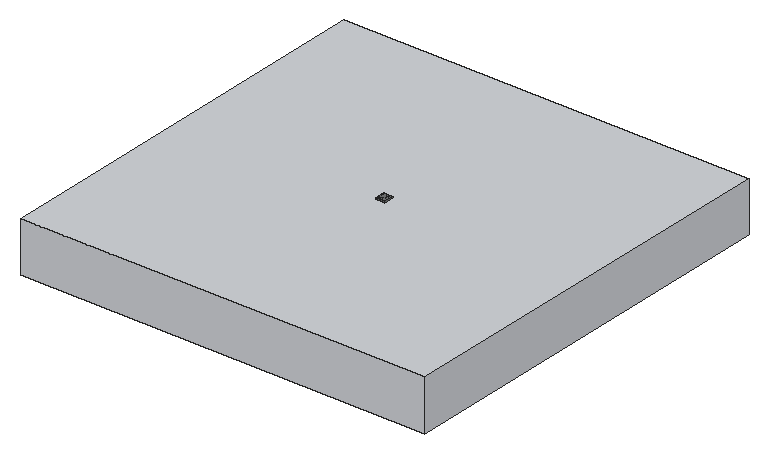
Revit family "Gira_065003", category Elektroinstallationen, Revit 2017
Family settings
  Basisbauteil = Fläche
  Beschriftungsausrichtung beibehalten = Nein
  Bemaßung runder Anschluss = Durchmesser verwenden
  Teiletyp = Normal
  Beim Laden mit Abzugskörper schneiden = Nein
  Gemeinsam genutzt = Nein
  Raumberechnungspunkt = Nein
Parameters
  With strain relief = no
  With label area = no
  With imprint = no
  With hinged lid = no
  With exchangeable lens/symbol = no
  With dust cover = no
  Utilization = "Dimmer"
  URL = "https://www.gira.de/"
  Typname = "Cov. knob dim. + potentiom. System 55 p.white"
  Type of fastening = "Clamp mounting"
  Transparent = no
  Surface protection = "Other"
  Surface finishing = "Glossy"
  Support ring = no
  Suitable for touch sensor connector for bus system = no
  Suitable for degree of protection (IP) = "IP20"
  Scannable symbol / barrier free = no
  RAL-number (akin) = 9010
  Productwebsite = "http://katalog.gira.de/en/datenblatt.html?artikelnr=065003"
  Mounting method = "Flush mounted (plaster)"
  Monitoring window/light outlet = no
  Model = "Turn button"
  Material quality = "Thermoplastic"
  Material = "Plastic"
  Luster terminal = no
  Imprintable label = "Without indication field"
  Imprint/indication = "Without imprint"
  Hersteller = "Gira"
  Halogen free = yes
  HAN = "065003"
  GTIN = "4010337650034"
  Data sheet = "https://katalog.gira.de/en/download.html?artikelnr=065003"
  Colour = "White"
  Beschreibung = "Cov.knob dim.poti Sys55 PW,Cover with button for dimmer and electronic potentiometer,,pure white glossy,"
  Bauelement = "Sys55_Abdeckung_Schalten und Tasten"
  Default Elevation = 1219.2 mm
  BIM = "https://media.stage.bim.site/public/gira/ad86d9f/Sys55_Abdeckung_Schalten%20und%20Tasten.rfa?public/gira/ad86d9f/Sys55_Abdeckung_Schalten und Tasten.rfa"
  Assembly arrangement = "Central cover plate"
  Anthrazit [instance] = Anthrazit
Reference planes
  plane 1 "Center (Front/Back)": y = 0
  plane 2: z = 0
  plane 3 "Center (Left/Right)": x = 0
Forms (mm)
  Extrusion 1, solid
    sketch origin (0, 0, 0) x (1, 0, 0) y (0, 1, 0)
      loop
        line (-1219.2, 1219.2) -> (-1219.2, -1219.2) -> (1219.2, -1219.2) -> (1219.2, 1219.2) -> (-1219.2, 1219.2)
    from 0 to -304.8
  Extrusion 2, solid, material "Anthrazit" <- "Anthrazit", detail levels fine
    sketch origin (0, 0, 0) x (1, 0, 0) y (0, 1, 0)
      loop
        line (-27.5, 27.5) -> (-27.5, -27.5) -> (27.5, -27.5) -> (27.5, 27.5) -> (-27.5, 27.5)
    from 0 to 8
  Extrusion 3, void
    sketch origin (0, 0, 0) x (1, 0, 0) y (0, 1, 0)
      loop
        line (26, 26) -> (-26, 26) -> (-26, -26) -> (26, -26) -> (26, 26)
    from 0 to 6
  Extrusion 4, solid, material "Anthrazit" <- "Anthrazit", detail levels medium
    sketch origin (0, 0, 0) x (1, 0, 0) y (0, 1, 0)
      loop
        line (-27.5, 27.5) -> (-27.5, -27.5) -> (27.5, -27.5) -> (27.5, 27.5) -> (-27.5, 27.5)
    from 0 to 8
  Extrusion 5, solid, material "Anthrazit" <- "Anthrazit", detail levels medium
    sketch origin (0, 0, 0) x (1, 0, 0) y (0, 1, 0)
      loop
        line (11, -17.5) -> (11, 17.5) -> (-11, 17.5) -> (-11, -17.5) -> (11, -17.5)
    from -6 to 6
  Extrusion 6, solid, material "Anthrazit" <- "Anthrazit", detail levels fine
    sketch origin (0, 0, 0) x (1, 0, 0) y (0, 1, 0)
      loop
        line (11, 17.5) -> (-11, 17.5) -> (-11, 16.5) -> (11, 16.5) -> (11, 17.5)
      loop
        line (-11, -16.5) -> (-11, -17.5) -> (11, -17.5) -> (11, -16.5) -> (-11, -16.5)
    from -4 to 6
  Extrusion 7, solid, material "Anthrazit" <- "Anthrazit", detail levels fine
    sketch origin (0, 0, 0) x (1, 0, 0) y (0, 1, 0)
      loop
        arc (5, 9.347) -> (0, 10.6) -> (-5, 9.347) r 10.6
        line (-5, 9.347) -> (-5, -9.347)
        arc (-5, -9.347) -> (0, -10.6) -> (5, -9.347) r 10.6
        line (5, -9.347) -> (5, 9.347)
    from -6 to 6
  Extrusion 8, solid, material "Anthrazit" <- "Anthrazit", detail levels coarse
    sketch origin (0, 0, 0) x (1, 0, 0) y (0, 1, 0)
      loop
        line (-27.5, 27.5) -> (-27.5, -27.5) -> (27.5, -27.5) -> (27.5, 27.5) -> (-27.5, 27.5)
    from -6 to 8
Cuts and joins
  Extrusion 3 cuts Extrusion 2
Dimensions and locks
  aligned and locked: plane 2 to Extrusion 1
  aligned and locked: level to Extrusion 1
